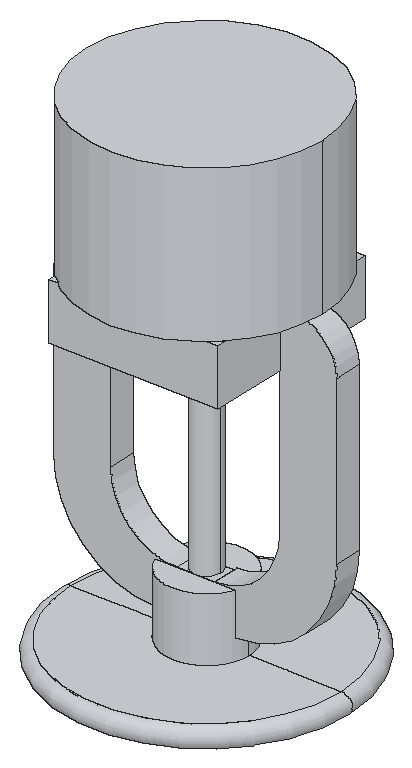
Revit family
Parameters (values of type "RASCO F1FR-300 PENDENT")
  Temperature Rating = 135 °F
  Response = 1
  RASCO SIN # = "R5612"
  RASCO Part # = "F1FRP0LW3"
  Pressure Rating = "300 PSI"
  Pressure Class = (empty or 0)
  Orifice Size = 17/32"
  Orifice = (empty or 0)
  Model = "F1FR-300"
  Manufacturer = "RASCO"
  K-Factor = 8
  Description = "White Finish"
  Coverage = (empty or 0)
Reference planes (in)
  plane 1 "Center (Front/Back)": y = 0
  plane 2: z = 0
  plane 3 "Center (Left/Right)": x = 0
Dimensions and locks (in)
  aligned and locked: plane 2 to level
Nested families (in)
  nested 1: "F1FRP0LW3" at (-0.01148, 0, 2.4375) x (-1, 0, 0) z (0, 0, -1), type "RASCO F1FR-300 PENDENT"
Connectors (in)
  piping at (-0.01148, 0, 2.4375)
    settings: on nested 1, index 1, connector radius 1/2", flow factor 0, pipe flow 0 GPM, pressure drop 0.00 psi, fitting loss kfactor 0, connector angle 0.00°, fixture units 0, flow configuration 0, flow direction 0, fitting loss method 0, system type 7, connector reference index -1, connector utility 0, adjustable connector no, is connector primary yes, fitting loss table "", connector description ""
Definition of nested family "F1FRP0LW3"
  Parameters (values of type "RASCO F1FR-300 PENDENT")
    Type Comments = ""
    Temperature Rating = 0 °F
    Response = (empty or 0)
    Pressure Rating = "0"
    Pressure Class = (empty or 0)
    Orifice Size = 0"
    Orifice = (empty or 0)
    Model = ""
    Manufacturer = ""
    K-Factor = 0
    Description = ""
    Coverage = (empty or 0)
    Assembly Code = ""
  Reference planes (in)
    plane 1 "Center (Front/Back)": y = 0
    plane 2: z = 0
    plane 3 "ref.2": z = 0.6875
    plane 4 "ref.3": z = 0.9375
    plane 5: x = -0.38065
    plane 6: x = 0.36935
    plane 7 "ref. side 1": y = 0.06402
    plane 8 "ref. side 2": y = -0.06098
    plane 9 "ref.4": z = 1.875
    plane 10 "ref.5": z = 2.3125
    plane 11 "ref.6": z = 2.4375
  Forms (in)
    Extrusion 1, solid
      sketch origin (0, 0, 0) x (1, 0, 0) y (0, 1, 0)
        loop
          circle (0, 0) r 0.5221
      from 0 to 0.6875
    Extrusion 2, solid
      sketch origin (-0.12185, 0.05177, 0.6875) x (1, 0, 0) y (0, 1, 0)
        loop
          line (-0.2588, 0.356) -> (-0.2588, -0.4565) -> (0.4912, -0.4565) -> (0.4912, 0.356) -> (-0.2588, 0.356)
      from 0 to 0.25
    Extrusion 3, solid
      sketch origin (0, 0, 0) x (1, 0, 0) y (0, 0, 1)
        loop
          line (-0.38065, 0.69674) -> (-0.38065, 1.58397)
          arc (-0.38065, 1.58397) -> (-0.29541, 1.78976) -> (-0.08962, 1.875) r 0.29103
          line (-0.08962, 1.875) -> (0.07524, 1.875)
          arc (0.07524, 1.875) -> (0.28321, 1.78886) -> (0.36935, 1.58089) r 0.29411
          line (0.36935, 1.58089) -> (0.36935, 0.69728)
          arc (0.36935, 0.69728) -> (0.54046, 0.72329) -> (0.61935, 0.87734) r 0.18984
          line (0.61935, 0.87734) -> (0.61935, 1.61676)
          arc (0.61935, 1.61676) -> (0.48879, 1.93194) -> (0.17361, 2.0625) r 0.44574
          line (0.17361, 2.0625) -> (-0.18509, 2.0625)
          arc (-0.18509, 2.0625) -> (-0.50015, 1.932) -> (-0.63065, 1.61694) r 0.44556
          line (-0.63065, 1.61694) -> (-0.63065, 0.87876)
          arc (-0.63065, 0.87876) -> (-0.55196, 0.72414) -> (-0.38065, 0.69674) r 0.19126
      from -0.06402 to 0.06098
    Extrusion 4, solid
      sketch origin (0, 0, 0.9375) x (-1, 0, 0) y (0, -1, 0)
        loop
          circle (0.00574, -0.00152) r 0.0625
      from 0 to 0.9375
    Extrusion 5, solid
      sketch origin (0, 0, 1.875) x (-1, 0, 0) y (0, -1, 0)
        loop
          circle (0.00574, -0.00152) r 0.1875
      from 0 to 0.4375
    Revolve 6, solid
      sketch origin (0, 0, -0.2777) x (1, 0, 0) y (0, 0, 1)
        loop
          line (-0.19324, 2.43517) -> (-0.19324, 2.52696) -> (-0.60528, 2.52696)
          arc (-0.60528, 2.52696) -> (-0.65118, 2.48106) -> (-0.60528, 2.43517) r 0.0459
          line (-0.60528, 2.43517) -> (-0.19324, 2.43517)
        axis (-0.00574, 2.43517) -> (-0.00574, 2.52696)
      angle from 0 to 360
  Cuts and joins
    joined: Extrusion 1, Extrusion 2, Extrusion 4, Revolve 6
  Lines and regions (in)
    model lines
      curve 1: line (-0.00574, 0.06402, 1.875) -> (-0.00574, -0.06098, 1.875)
  Dimensions and locks (in)
    Extrusion 3 to Extrusion 3 = 0' - 1 1/4"
    Extrusion 5 to cut or joined group of Extrusion 1, Extrusion 2, Extrusion 4, Revolve 6 = 0' - 2 5/16"
